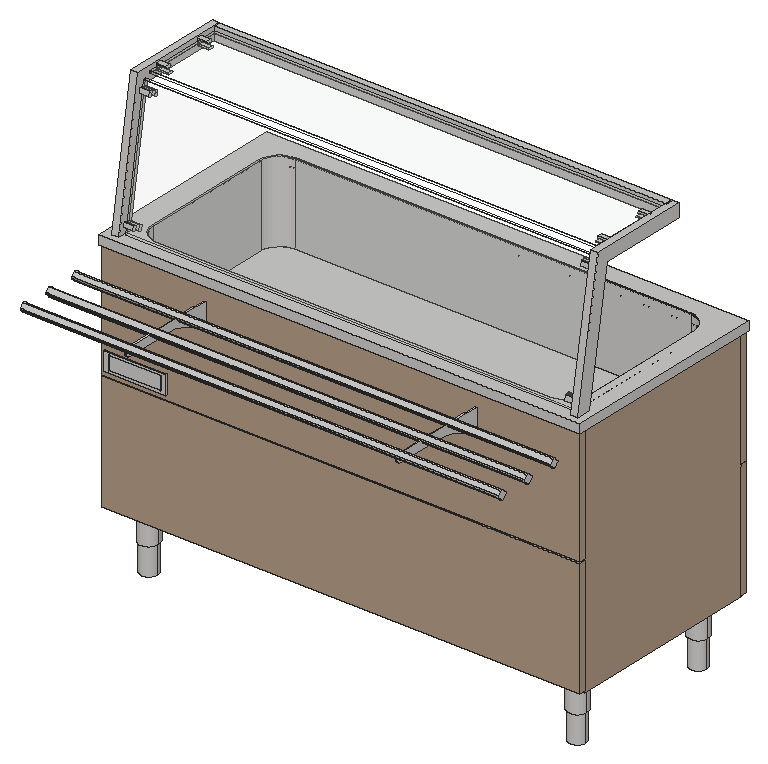
Revit family "QF_ELECTROLUXPROFESSIONAL_322077_F01H4AF01W", category Attrezzature speciali, Revit 2018
Family settings
  Quota connettore circolare = Usa diametro
  Tipo di parte = Normale
  Basato su piano di lavoro = No
  Sempre verticale = Sì
  Taglio con vuoti quando caricato = No
  Condiviso = No
  Punto di calcolo locali = No
Parameters
  Weight = 135.50 kg
  Watts = 3040 W
  Volts = 220 V
  URL Manufacturer = "https://www.electroluxprofessional.com/"
  URL = "https://www.electroluxprofessional.com/"
  Steam Supply Size = 0 mm
  Steam Supply Minimum Pressure = 0.0 Pa
  Steam Supply Maximum Pressure = 0.0 Pa
  Steam Consumption per Hour = 0
  Show Clearance [instance] = yes
  Refrigeration Suction Line Size = 0 mm
  Refrigeration Liquid Line Size = 0 mm
  Refrigerant Compressor Remote = yes
  Produttore = "Electrolux Professional"
  Phase = 1
  Modello = "F01H4AF01W"
  Length Actual = 1420 mm  # constant formula
  Item Number = "322077"
  Hot Water Size = 0 mm
  Height Actual = 1304 mm  # constant formula
  HP = "4.1 HP"
  Gas Size = 0 mm
  Gas KW = 0
  Gas Input Pressure = 0 W
  Direct Waste Size = 19.05 mm
  Descrizione = "BAIN-MARIE, WATER, SINGLE WELL, 4GN H=900MM OVERSHELF W/LED LIGHTS"
  Depth Actual = 915 mm  # constant formula
  Cycle = 50 Hz
  Condensate Return Size = 0 mm
  Compressed Air Volume = 0.0 L/s
  Compressed Air Size = 0 mm
  Compressed Air Pressure = 0.0 Pa
  Cold Water Size = 0 mm
  Accessory = yes
Types (2, lengths in mm): name | Weight | Watts | Volts | URL Manufacturer | URL | Phase | Item Number | HP | Direct Waste Size | Cycle
  (no name) | 135.50 kg | 3040 W | 220 V | "https://www.electroluxprofessional.com/" | "https://www.electroluxprofessional.com/" | 1 | "322077" | "4.1 HP" | 19.05 | 50 Hz
  Standard | 0.00 kg | 0 W | 0 V | "" | "http://professional.electrolux.com" | 0 | "" | "" | 0 | 0 Hz
Reference planes
  plane 1 "Centro (Fronte/Retro)": y = 74.737
  plane 2: z = 0
  plane 3 "BACK": y = 384.737
  plane 4 "FRONT": y = -235.263
  plane 5: z = 900
  plane 6 "RIGHT": x = 195.731
  plane 7 "LEFT": x = -1224.269
  plane 8: x = -514.269
  plane 9: y = 664.737
  plane 10: y = -530.02
  plane 11: z = 178
  plane 12: z = 1304
  plane 13: z = 1222
  plane 14: y = 297.737
  plane 15: y = -148.263
  plane 16: x = -1146.269
  plane 17: x = 117.731
  plane 18: x = -1220.269
  plane 19: y = -231.263
  plane 20: x = 191.731
  plane 21: y = 380.737
  plane 22: z = 874
  plane 23: y = 362.737
  plane 24: y = -213.263
  plane 25: z = 182
  plane 26: z = 527
  plane 27: z = 531
  plane 28: x = -112.269
  plane 29: x = -916.269
  plane 30: x = -1202.269
  plane 31: x = 173.731
  plane 32: x = 153.731
  plane 33: x = -1182.269
  plane 34: x = -1174.269
  plane 35: x = 145.731
  plane 36: y = 130.237
  plane 37: y = 19.237
  plane 38: y = 33.237
  plane 39: y = 116.237
  plane 40: x = -1112.269
  plane 41: x = 90.731
Forms (mm)
  Extrusion 1, solid, material "QF_Finishes_Wood"
    sketch origin (0, 0, 0) x (1, 0, 0) y (0, 1, 0)
      loop
        line (-1220.269, 362.737) -> (-1220.269, -213.263) -> (191.731, -213.263) -> (191.731, 362.737) -> (-1220.269, 362.737)
    from 178 to 874
  Extrusion 2, solid, material "QF_Finishes_Wood"
    sketch origin (191.731, 362.737, 0) x (0, -1, 0) y (0, 0, -1)
      loop
        line (576, -182) -> (576, -527) -> (594, -527) -> (594, -182) -> (576, -182)
      loop
        line (576, -531) -> (576, -874) -> (594, -874) -> (594, -531) -> (576, -531)
    from 0 to -1412
  Extrusion 3, solid, material "QF_Finishes_Wood"
    sketch origin (191.731, -213.263, 0) x (0, 1, 0) y (0, 0, 1)
      loop
        line (576, 531) -> (594, 531) -> (594, 874) -> (576, 874) -> (576, 531)
    from 0 to -1412
  Extrusion 4, solid, material "QF_Finishes_Stainless Steel"
    sketch origin (0, 0, 0) x (1, 0, 0) y (0, 1, 0)
      loop
        line (-1224.269, 384.737) -> (-1224.269, -235.263) -> (195.731, -235.263) -> (195.731, 384.737) -> (-1224.269, 384.737)
    from 874 to 900
  Extrusion 5, solid, material "QF_Finishes_Stainless Steel"
    sketch origin (-117.269, 362.737, 0) x (0, -1, 0) y (0, 0, -1)
      loop
        arc (628.84, -832.7) -> (632.082, -833.911) -> (635.519, -834.32) r 14.5
        line (635.519, -834.32) -> (675.715, -834.32) -> (689.858, -820.177) -> (704, -834.32) -> (770.715, -834.32) -> (784.858, -820.177) -> (799, -834.32) -> (865.716, -834.32) -> (879.858, -820.177) -> (887.686, -828.005) -> (887.686, -821.352)
        arc (887.686, -821.352) -> (887.303, -819.435) -> (886.214, -817.81) r 4.999
        line (886.214, -817.81) -> (881.179, -812.776)
        arc (881.179, -812.776) -> (879.559, -811.698) -> (877.651, -811.32) r 5
        line (877.651, -811.32) -> (732.206, -811.32)
        arc (732.206, -811.32) -> (708.662, -809.221) -> (685.86, -802.991) r 133.106
        line (685.86, -802.991) -> (638.285, -785.32) -> (597.679, -770.12) -> (594, -770.12) -> (594, -832.7) -> (628.84, -832.7)
    from 0 to 5
  Extrusion 6, void
    sketch origin (0, 0, 0) x (1, 0, 0) y (0, 1, 0)
      loop
        line (-1156.552, 270.237) -> (-1156.552, -120.763)
        arc (-1156.552, -120.763) -> (-1138.652, -163.896) -> (-1095.519, -181.763) r 61
        line (-1095.519, -181.763) -> (67.355, -181.472)
        arc (67.355, -181.472) -> (110.441, -163.852) -> (128.319, -120.873) r 60.6
        line (128.319, -120.873) -> (128.319, 270.182)
        arc (128.319, 270.182) -> (111.15, 312.672) -> (69.282, 331.306) r 61.161
        line (69.282, 331.306) -> (-1095.519, 331.237)
        arc (-1095.519, 331.237) -> (-1138.652, 313.371) -> (-1156.552, 270.237) r 61
    from 614.586 to 900
  Extrusion 7, solid, material "QF_Finishes_Wood"
    sketch origin (419.731, -213.263, -348) x (0, 1, 0) y (0, 0, 1)
      loop
        line (576, 530) -> (594, 530) -> (594, 875) -> (576, 875) -> (576, 530)
    from -228 to -383
  Extrusion 8, solid, material "QF_Finishes_Wood"
    sketch origin (-234.269, -213.263, -348) x (0, 1, 0) y (0, 0, 1)
      loop
        line (576, 530) -> (594, 530) -> (594, 875) -> (576, 875) -> (576, 530)
    from -831.045 to -986
  Extrusion 9, solid, material "QF_Finishes_Stainless Steel"
    sketch origin (-916.269, 362.737, 0) x (0, -1, 0) y (0, 0, -1)
      loop
        arc (628.84, -832.7) -> (632.082, -833.911) -> (635.519, -834.32) r 14.5
        line (635.519, -834.32) -> (675.715, -834.32) -> (689.858, -820.177) -> (704, -834.32) -> (770.715, -834.32) -> (784.858, -820.177) -> (799, -834.32) -> (865.716, -834.32) -> (879.858, -820.177) -> (887.686, -828.005) -> (887.686, -821.352)
        arc (887.686, -821.352) -> (887.303, -819.435) -> (886.214, -817.81) r 4.999
        line (886.214, -817.81) -> (881.179, -812.776)
        arc (881.179, -812.776) -> (879.559, -811.698) -> (877.651, -811.32) r 5
        line (877.651, -811.32) -> (732.206, -811.32)
        arc (732.206, -811.32) -> (708.662, -809.221) -> (685.86, -802.991) r 133.106
        line (685.86, -802.991) -> (638.285, -785.32) -> (597.679, -770.12) -> (594, -770.12) -> (594, -832.7) -> (628.84, -832.7)
    from 0 to 5
  Extrusion 10, solid, material "QF_Finishes_Stainless Steel"
    sketch origin (191.731, 362.737, 0) x (0, -1, 0) y (0, 0, -1)
      loop
        line (881.983, -846.337) -> (891.875, -836.445)
        arc (891.875, -836.445) -> (892.757, -834.322) -> (891.879, -832.198) r 3
        line (891.879, -832.198) -> (881.979, -822.299)
        arc (881.979, -822.299) -> (879.858, -821.42) -> (877.737, -822.299) r 3
        line (877.737, -822.299) -> (867.837, -832.198)
        arc (867.837, -832.198) -> (866.958, -834.32) -> (867.837, -836.441) r 3
        line (867.837, -836.441) -> (877.737, -846.34)
        arc (877.737, -846.34) -> (879.86, -847.219) -> (881.983, -846.337) r 3
      loop
        line (786.979, -846.34) -> (796.879, -836.441)
        arc (796.879, -836.441) -> (797.757, -834.32) -> (796.879, -832.198) r 3
        line (796.879, -832.198) -> (786.979, -822.299)
        arc (786.979, -822.299) -> (784.858, -821.42) -> (782.737, -822.299) r 3
        line (782.737, -822.299) -> (772.837, -832.198)
        arc (772.837, -832.198) -> (771.958, -834.317) -> (772.833, -836.437) r 3
        line (772.833, -836.437) -> (782.741, -846.345)
        arc (782.741, -846.345) -> (784.861, -847.219) -> (786.979, -846.34) r 3
      loop
        line (691.976, -846.343) -> (701.882, -836.438)
        arc (701.882, -836.438) -> (702.757, -834.318) -> (701.879, -832.198) r 3
        line (701.879, -832.198) -> (691.979, -822.299)
        arc (691.979, -822.299) -> (689.858, -821.42) -> (687.737, -822.299) r 3
        line (687.737, -822.299) -> (677.837, -832.198)
        arc (677.837, -832.198) -> (676.958, -834.32) -> (677.837, -836.441) r 3
        line (677.837, -836.441) -> (687.737, -846.34)
        arc (687.737, -846.34) -> (689.856, -847.219) -> (691.976, -846.343) r 3
    from 0 to -1412
  Extrusion 11, solid, material "QF_Finishes_Stainless Steel"
    sketch origin (191.731, 362.737, 0) x (0, -1, 0) y (0, 0, -1)
      loop
        line (206.477, -1264.379) -> (206.477, -1304) -> (507.108, -1304) -> (578.344, -900) -> (537.727, -900) -> (473.477, -1264.379) -> (206.477, -1264.379)
    from -18 to -38
  Extrusion 12, solid, material "QF_Finishes_Stainless Steel"
    sketch origin (-895.269, 362.737, 0) x (0, -1, 0) y (0, 0, 1)
      loop
        line (206.477, 1264.379) -> (473.477, 1264.379) -> (537.727, 900) -> (578.344, 900) -> (507.108, 1304) -> (206.477, 1304) -> (206.477, 1264.379)
    from 307 to 287
  Extrusion 13, solid, material "QF_Finishes_Glass"
    sketch origin (-133.269, -231.263, 531) x (0, 0, 1) y (-1, 0, 0)
      loop
        line (757.879, -279) -> (765.879, -279) -> (765.879, 1041) -> (757.879, 1041) -> (757.879, -279)
    from -361.5 to -120.204
  Extrusion 14, solid, material "QF_Finishes_Stainless Steel"
    sketch origin (0, 0, 0) x (1, 0, 0) y (0, 1, 0)
      loop
        line (-1182.269, 156.26) -> (-1182.269, 136.26) -> (153.731, 136.26) -> (153.731, 156.26) -> (-1182.269, 156.26)
    from 1264.379 to 1304
  Extrusion 15, solid, material "QF_Finishes_Glass"
    sketch origin (-133.269, 362.737, 0) x (0, -1, 0) y (0, 0, -1)
      loop
        line (494.569, -1282.974) -> (562.097, -900) -> (553.974, -900) -> (486.445, -1282.974) -> (494.569, -1282.974)
    from 279 to -1041
  Extrusion 16, solid, material "QF_Finishes_Wood"
    sketch origin (314.688, -213.263, -348) x (0, 1, 0) y (0, 0, 1)
      loop
        line (576, 530) -> (594, 530) -> (594, 875) -> (576, 875) -> (576, 530)
    from -277.956 to -828.956
  Extrusion 17, solid, material "QF_Finishes_Stainless Steel"
    sketch origin (-308.144, -64.263, 531) x (0, 0, 1) y (-1, 0, 0)
      loop
        line (765.879, 841.5) -> (770.879, 843.5) -> (770.879, 874.125) -> (750.879, 874.125) -> (750.879, 866) -> (751.974, 866) -> (751.974, 835.938) -> (755.879, 837.5) -> (755.879, 867) -> (765.879, 867) -> (765.879, 841.5)
    from 0 to 14
  Extrusion 18, solid, material "QF_Finishes_Stainless Steel"
    sketch origin (-308.144, 85.737, 531) x (0, 0, 1) y (-1, 0, 0)
      loop
        line (765.879, 841.5) -> (770.879, 843.5) -> (770.879, 874.125) -> (750.879, 874.125) -> (750.879, 866) -> (751.974, 866) -> (751.974, 835.938) -> (755.879, 837.5) -> (755.879, 867) -> (765.879, 867) -> (765.879, 841.5)
    from 0 to 14
  Extrusion 19, solid, material "QF_Finishes_Stainless Steel"
    sketch origin (-720.394, -64.263, 531) x (0, 0, 1) y (-1, 0, 0)
      loop
        line (765.879, -841.5) -> (765.879, -867) -> (755.879, -867) -> (755.879, -837.5) -> (751.974, -835.938) -> (751.974, -866) -> (750.879, -866) -> (750.879, -874.125) -> (770.879, -874.125) -> (770.879, -843.5) -> (765.879, -841.5)
    from 0 to 14
  Extrusion 20, solid, material "QF_Finishes_Stainless Steel"
    sketch origin (-720.394, 85.737, 531) x (0, 0, 1) y (-1, 0, 0)
      loop
        line (765.879, -841.5) -> (765.879, -867) -> (755.879, -867) -> (755.879, -837.5) -> (751.974, -835.938) -> (751.974, -866) -> (750.879, -866) -> (750.879, -874.125) -> (770.879, -874.125) -> (770.879, -843.5) -> (765.879, -841.5)
    from 0 to 14
  Extrusion 21, solid, material "QF_Finishes_Stainless Steel"
    sketch origin (-720.394, 619.458, 1129.907) x (0, -0.984808, 0.173648) y (-1, 0, 0)
      loop
        line (765.879, -841.5) -> (765.879, -867) -> (755.879, -867) -> (755.879, -837.5) -> (751.974, -835.938) -> (751.974, -866) -> (750.879, -866) -> (750.879, -874.125) -> (770.879, -874.125) -> (770.879, -843.5) -> (765.879, -841.5)
    from 0 to 14
  Extrusion 22, solid, material "QF_Finishes_Stainless Steel"
    sketch origin (-308.144, 619.458, 1129.907) x (0, -0.984808, 0.173648) y (-1, 0, 0)
      loop
        line (765.879, 841.5) -> (770.879, 843.5) -> (770.879, 874.125) -> (750.879, 874.125) -> (750.879, 866) -> (751.974, 866) -> (751.974, 835.938) -> (755.879, 837.5) -> (755.879, 867) -> (765.879, 867) -> (765.879, 841.5)
    from 0 to 14
  Extrusion 23, solid, material "QF_Finishes_Stainless Steel"
    sketch origin (-720.394, 562.154, 799.389) x (0, -0.984808, 0.173648) y (-1, 0, 0)
      loop
        line (765.879, -841.5) -> (765.879, -867) -> (755.879, -867) -> (755.879, -837.5) -> (751.974, -835.938) -> (751.974, -866) -> (750.879, -866) -> (750.879, -874.125) -> (770.879, -874.125) -> (770.879, -843.5) -> (765.879, -841.5)
    from 0 to 14
  Extrusion 24, solid, material "QF_Finishes_Stainless Steel"
    sketch origin (-308.144, 562.154, 799.389) x (0, -0.984808, 0.173648) y (-1, 0, 0)
      loop
        line (765.879, 841.5) -> (770.879, 843.5) -> (770.879, 874.125) -> (750.879, 874.125) -> (750.879, 866) -> (751.974, 866) -> (751.974, 835.938) -> (755.879, 837.5) -> (755.879, 867) -> (765.879, 867) -> (765.879, 841.5)
    from 0 to 14
  Extrusion 25, solid, material "QF_Finishes_Wood"
    sketch origin (-236.312, -213.263, -348) x (0, 1, 0) y (0, 0, 1)
      loop
        line (576, 530) -> (594, 530) -> (594, 875) -> (576, 875) -> (576, 530)
    from -277.956 to -828.956
  Extrusion 26, solid, material "QF_Door-Drawer Clearances", visible <- "Show Clearance"
    sketch origin (-1028.537, -4, 0) x (-1, 0, 0) y (0, -1, 0)
      loop
        arc (-514.269, -384.737) -> (-496.592, -527.741) -> (-441.747, -660.987) r 540.292
        line (-441.747, -660.987) -> (36.731, -384.737) -> (-514.269, -384.737)
    from 182 to 527
  Extrusion 27, solid, material "QF_Finishes_Stainless Steel"
    sketch origin (-1353.537, 0, 0) x (-1, 0, 0) y (0, -1, 0)
      loop
        circle (-196.269, -124.737) r 10
    from 178 to 166
  Extrusion 28, solid, material "QF_Finishes_Stainless Steel"
    sketch origin (-1353.537, 149.474, 0) x (-1, 0, 0) y (0, -1, 0)
      loop
        circle (-196.269, 124.737) r 10
    from 178 to 166
  Extrusion 29, solid, material "QF_Door-Drawer Clearances", visible <- "Show Clearance"
    sketch origin (0, -4, 0) x (1, 0, 0) y (0, 1, 0)
      loop
        line (-514.269, 384.737) -> (36.731, 384.737) -> (-441.747, 660.987)
        arc (-441.747, 660.987) -> (-496.592, 527.741) -> (-514.269, 384.737) r 540.292
    from 182 to 527
Cuts and joins
  Extrusion 6 cuts Extrusion 1
  Extrusion 6 cuts Extrusion 4
Lines and regions (mm)
  symbolic lines
    curve 1: line (195.731, 384.737, 0) -> (195.731, -235.263, 0)
    curve 2: line (-1224.269, -235.263, 0) -> (-1224.269, 384.737, 0)
    curve 3: line (-1224.269, 384.737, 0) -> (195.731, 384.737, 0)
    curve 4: line (-1224.269, -235.263, 0) -> (195.731, -235.263, 0)
    curve 5: line (145.731, -64.263, 0) -> (145.731, 71.737, 0)
    curve 6: line (-1174.269, 71.737, 0) -> (-1174.269, -64.263, 0)
    curve 7: line (-1202.269, 156.26, 0) -> (173.731, 156.26, 0)
    curve 8: line (173.731, 156.26, 0) -> (173.731, -215.607, 0)
    curve 9: line (173.731, -215.607, 0) -> (153.731, -215.607, 0)
    curve 10: line (153.731, -215.607, 0) -> (153.731, 156.26, 0)
    curve 11: line (153.731, 136.26, 0) -> (-1182.269, 136.26, 0)
    curve 12: line (-1182.269, 156.26, 0) -> (-1182.269, -215.607, 0)
    curve 13: line (-1182.269, -215.607, 0) -> (-1202.269, -215.607, 0)
    curve 14: line (-1202.269, -215.607, 0) -> (-1202.269, 156.26, 0)
    curve 15: line (-1202.269, -144.371, 0) -> (-1182.269, -144.371, 0)
    curve 16: line (153.731, -144.371, 0) -> (173.731, -144.371, 0)
    curve 17: line (-1174.269, 130.237, 0) -> (-1174.269, 85.737, 0)
    curve 18: line (-1174.269, 130.237, 0) -> (145.731, 130.237, 0)
    curve 19: line (145.731, 130.237, 0) -> (145.731, 85.737, 0)
    curve 20: line (145.731, -78.263, 0) -> (145.731, -111.059, 0)
    curve 21: line (153.731, 85.737, 0) -> (121.231, 85.737, 0)
    curve 22: line (121.231, 85.737, 0) -> (121.231, 71.737, 0)
    curve 23: line (121.231, 71.737, 0) -> (153.731, 71.737, 0)
    curve 24: line (153.731, -64.263, 0) -> (121.231, -64.263, 0)
    curve 25: line (121.231, -64.263, 0) -> (121.231, -78.263, 0)
    curve 26: line (121.231, -78.263, 0) -> (153.731, -78.263, 0)
    curve 27: line (-1182.269, -64.263, 0) -> (-1149.769, -64.263, 0)
    curve 28: line (-1149.769, -64.263, 0) -> (-1149.769, -78.263, 0)
    curve 29: line (-1149.769, -78.263, 0) -> (-1182.269, -78.263, 0)
    curve 30: line (-1182.269, 85.737, 0) -> (-1149.769, 85.737, 0)
    curve 31: line (-1149.769, 85.737, 0) -> (-1149.769, 71.737, 0)
    curve 32: line (-1149.769, 71.737, 0) -> (-1182.269, 71.737, 0)
    curve 33: line (-1182.269, -142.14, 0) -> (-1151.769, -142.14, 0)
    curve 34: line (-1151.769, -142.14, 0) -> (-1151.769, -139.709, 0)
    curve 35: line (-1151.769, -139.709, 0) -> (-1182.269, -139.709, 0)
    curve 36: line (-1151.769, -142.14, 0) -> (-1149.769, -137.216, 0)
    curve 37: line (-1175.269, -134.785, 0) -> (-1149.769, -134.785, 0)
    curve 38: line (-1175.269, -134.785, 0) -> (-1175.269, -124.937, 0)
    curve 39: line (-1175.269, -124.937, 0) -> (-1174.269, -124.937, 0)
    curve 40: line (-1175.269, -127.368, 0) -> (-1174.269, -127.368, 0)
    curve 41: line (-1182.269, -120.013, 0) -> (-1174.269, -120.013, 0)
    curve 42: line (-1174.269, -120.013, 0) -> (-1174.269, -121.091, 0)
    curve 43: line (-1174.269, -121.091, 0) -> (-1144.207, -121.091, 0)
    curve 44: line (-1144.207, -121.091, 0) -> (-1144.207, -123.708, 0)
    curve 45: line (-1144.207, -121.091, 0) -> (-1145.269, -123.708, 0)
    curve 46: line (-1151.769, -139.709, 0) -> (-1149.769, -134.785, 0)
    curve 47: line (-1149.769, -134.785, 0) -> (-1149.769, -137.216, 0)
    curve 48: line (-1174.269, -123.708, 0) -> (-1174.269, -134.785, 0)
    curve 49: line (145.731, -131.831, 0) -> (145.731, -123.708, 0)
    curve 50: line (145.731, -123.708, 0) -> (-1174.269, -123.708, 0)
    curve 51: line (153.731, -142.14, 0) -> (123.231, -142.14, 0)
    curve 52: line (123.231, -142.14, 0) -> (123.231, -139.709, 0)
    curve 53: line (123.231, -139.709, 0) -> (153.731, -139.709, 0)
    curve 54: line (123.231, -142.14, 0) -> (121.231, -137.216, 0)
    curve 55: line (146.731, -134.785, 0) -> (121.231, -134.785, 0)
    curve 56: line (146.731, -134.785, 0) -> (146.731, -124.937, 0)
    curve 57: line (146.731, -124.937, 0) -> (145.731, -124.937, 0)
    curve 58: line (146.731, -127.368, 0) -> (145.731, -127.368, 0)
    curve 59: line (153.731, -120.013, 0) -> (145.731, -120.013, 0)
    curve 60: line (145.731, -120.013, 0) -> (145.731, -121.091, 0)
    curve 61: line (145.731, -121.091, 0) -> (115.669, -121.091, 0)
    curve 62: line (115.669, -121.091, 0) -> (115.669, -123.708, 0)
    curve 63: line (115.669, -121.091, 0) -> (116.732, -123.708, 0)
    curve 64: line (123.231, -139.709, 0) -> (121.231, -134.785, 0)
    curve 65: line (121.231, -134.785, 0) -> (121.231, -137.216, 0)
    curve 66: line (145.731, -123.708, 0) -> (145.731, -134.785, 0)
    curve 67: line (-1174.269, -142.14, 0) -> (-1174.269, -192.089, 0)
    curve 68: line (-1174.269, -177.317, 0) -> (-1182.269, -177.317, 0)
    curve 69: line (-1174.269, -182.241, 0) -> (-1175.269, -182.241, 0)
    curve 70: line (-1175.269, -184.672, 0) -> (-1174.269, -184.672, 0)
    curve 71: line (-1175.269, -182.241, 0) -> (-1175.269, -192.089, 0)
    curve 72: line (-1175.269, -192.089, 0) -> (-1149.779, -192.089, 0)
    curve 73: line (-1151.769, -197.013, 0) -> (-1149.779, -192.089, 0)
    curve 74: line (-1149.779, -192.089, 0) -> (-1149.779, -194.52, 0)
    curve 75: line (-1151.769, -199.444, 0) -> (-1149.779, -194.52, 0)
    curve 76: line (-1151.769, -197.013, 0) -> (-1151.769, -199.444, 0)
    curve 77: line (-1182.269, -199.444, 0) -> (-1151.769, -199.444, 0)
    curve 78: line (-1151.769, -197.013, 0) -> (-1182.269, -197.013, 0)
    curve 79: line (145.731, -177.317, 0) -> (153.731, -177.317, 0)
    curve 80: line (145.731, -182.241, 0) -> (146.731, -182.241, 0)
    curve 81: line (146.731, -184.672, 0) -> (145.731, -184.672, 0)
    curve 82: line (146.731, -182.241, 0) -> (146.731, -192.089, 0)
    curve 83: line (146.731, -192.089, 0) -> (121.242, -192.089, 0)
    curve 84: line (123.231, -197.013, 0) -> (121.242, -192.089, 0)
    curve 85: line (121.242, -192.089, 0) -> (121.242, -194.52, 0)
    curve 86: line (123.231, -199.444, 0) -> (121.242, -194.52, 0)
    curve 87: line (123.231, -197.013, 0) -> (123.231, -199.444, 0)
    curve 88: line (153.731, -199.444, 0) -> (123.231, -199.444, 0)
    curve 89: line (123.231, -197.013, 0) -> (153.731, -197.013, 0)
    curve 90: line (-1151.735, -199.36, 0) -> (123.197, -199.36, 0)
    curve 91: line (-1174.269, -78.263, 0) -> (-1174.269, -111.059, 0)
    curve 92: line (-1174.269, -111.059, 0) -> (145.731, -111.059, 0)
    curve 93: line (-1174.269, -131.831, 0) -> (145.731, -131.831, 0)
    curve 94: line (145.731, -142.14, 0) -> (145.731, -192.089, 0)
    curve 95: line (-1154.269, 136.26, 0) -> (-1154.269, 130.237, 0)
    curve 96: line (125.731, 136.26, 0) -> (125.731, 130.237, 0)
    curve 103: line (-1224.269, -235.263, 0) -> (-1224.269, -530.02, 0)
    curve 104: line (-1224.269, -530.02, 0) -> (195.731, -530.02, 0)
    curve 105: line (195.731, -530.02, 0) -> (195.731, -235.263, 0)
  symbolic lines, style "QF_Door-Drawer Clearances"
    curve 97: line (-586.79, 656.987, 0) -> (-1058.34, 384.737, 0)
    curve 98: arc (-514.24, 384.737, 0) -> (-532.456, 525.674, 0) -> (-586.79, 656.987, 0) r 540.292
    curve 99: arc (-441.747, 656.987, 0) -> (-496.081, 525.674, 0) -> (-514.297, 384.737, 0) r 540.292
    curve 100: line (29.803, 384.737, 0) -> (-441.747, 656.987, 0)
    curve 101: line (-576.79, 639.666, 0) -> (-1018.34, 384.737, 0)
    curve 102: line (-10.197, 384.737, 0) -> (-451.747, 639.666, 0)
  symbolic lines, style "SpecialityEquipmentHiddenLines"
    curve 106: line (69.731, 329.737, 0) -> (-1098.269, 329.737, 0)
    curve 107: arc (-1098.269, 329.737, 0) -> (-1137.867, 313.335, 0) -> (-1154.269, 273.737, 0) r 56
    curve 108: line (-1154.269, 273.737, 0) -> (-1154.269, -124.263, 0)
    curve 109: arc (-1154.269, -124.263, 0) -> (-1137.867, -163.861, 0) -> (-1098.269, -180.263, 0) r 56
    curve 110: line (-1098.269, -180.263, 0) -> (69.731, -180.263, 0)
    curve 111: arc (69.731, -180.263, 0) -> (109.329, -163.861, 0) -> (125.731, -124.263, 0) r 56
    curve 112: line (125.731, -124.263, 0) -> (125.731, 273.737, 0)
    curve 113: arc (125.731, 273.737, 0) -> (109.329, 313.335, 0) -> (69.731, 329.737, 0) r 56
    curve 114: line (-834.269, 329.737, 0) -> (-834.269, -180.263, 0)
    curve 115: line (-514.269, 329.737, 0) -> (-514.269, -180.263, 0)
    curve 116: line (-194.269, 329.737, 0) -> (-194.269, -180.263, 0)
Dimensions and locks
  plane 7 "LEFT" to plane 6 "RIGHT" = 1420 mm
  equal spacing: plane 3 "BACK", plane 1 "Centro (Fronte/Retro)", plane 4 "FRONT"
  plane 3 "BACK" to plane 4 "FRONT" = 620 mm
  equal spacing: plane 7 "LEFT", plane 8, plane 6 "RIGHT"
  locked: plane 9 to plane 3 "BACK" at 280
  locked: plane 4 "FRONT" to plane 10 at 294.757
  locked: plane 11 to plane 2 at 178
  locked: plane 5 to plane 2 at 900
  locked: plane 12 to plane 2 at 1304
  locked: plane 13 to plane 2 at 1222
  locked: plane 3 "BACK" to plane 14 at 87
  locked: plane 7 "LEFT" to plane 16 at 78
  locked: plane 17 to plane 6 "RIGHT" at 78
  locked: plane 15 to plane 4 "FRONT" at 87
  locked: plane 3 "BACK" to plane 21 at 4
  locked: plane 7 "LEFT" to plane 18 at 4
  locked: plane 20 to plane 6 "RIGHT" at 4
  locked: plane 19 to plane 4 "FRONT" at 4
  locked: plane 5 to plane 22 at 26
  locked: plane 24 to plane 19 at 18
  locked: plane 21 to plane 23 at 18
  plane 20 to plane 28 = 304 mm
  plane 29 to plane 18 = 304 mm
  equal spacing: plane 30, plane 8, plane 31
  plane 30 to plane 31 = 1376 mm
  locked: plane 30 to plane 33 at 20
  locked: plane 32 to plane 31 at 20
  equal spacing: plane 34, plane 8, plane 35
  plane 34 to plane 35 = 1320 mm
  equal spacing: plane 36, plane 1 "Centro (Fronte/Retro)", plane 37
  plane 36 to plane 37 = 111 mm
  locked: plane 36 to plane 39 at 14
  locked: plane 38 to plane 37 at 14
  locked: plane 41 to plane 6 "RIGHT" at 105
  locked: plane 7 "LEFT" to plane 40 at 112
  plane 16 to plane 7 "LEFT" = 78 mm
  plane 6 "RIGHT" to plane 17 = 78 mm
  angle Extrusion 25 to Extrusion 26 sketch curve = 30.00°
  aligned and locked: level to plane 2
  aligned and locked: Extrusion 1 sketch curve to plane 23
  aligned and locked: plane 18 to Extrusion 1 sketch curve
  aligned and locked: plane 24 to Extrusion 1 sketch curve
  aligned and locked: Extrusion 1 sketch curve to plane 20
  aligned and locked: Extrusion 1 to plane 22
  aligned and locked: Extrusion 1 to plane 11
  aligned and locked: plane 25 to Extrusion 2 sketch curve
  aligned and locked: Extrusion 2 sketch curve to plane 24  (x2)
  aligned and locked: Extrusion 2 sketch curve to plane 26
  aligned and locked: plane 19 to Extrusion 2 sketch curve  (x2)
  aligned and locked: plane 27 to Extrusion 2 sketch curve
  aligned and locked: Extrusion 2 sketch curve to plane 22
  aligned and locked: Extrusion 2 to plane 18
  aligned and locked: Extrusion 3 to plane 18
  aligned and locked: Extrusion 4 sketch curve to plane 3 "BACK"
  aligned and locked: plane 7 "LEFT" to Extrusion 4 sketch curve
  aligned and locked: plane 4 "FRONT" to Extrusion 4 sketch curve
  aligned and locked: Extrusion 4 sketch curve to plane 6 "RIGHT"
  aligned and locked: Extrusion 4 to plane 22
  aligned and locked: plane 20 to Extrusion 7
  aligned and locked: Extrusion 8 to plane 18
  aligned and locked: Extrusion 7 to plane 25
  aligned and locked: Extrusion 8 to plane 25
  aligned and locked: plane 16 to nested 1
  aligned and locked: plane 17 to nested 2
  aligned and locked: nested 2 to plane 15
  aligned and locked: nested 1 to plane 15
  aligned and locked: nested 3 to plane 14
  aligned and locked: plane 16 to nested 4
  aligned and locked: plane 20 to Extrusion 10
  aligned and locked: Extrusion 10 to plane 18
  aligned and locked: nested 4 to plane 14
  aligned and locked: Extrusion 11 to plane 31
  aligned and locked: Extrusion 11 to plane 32
  aligned and locked: plane 33 to Extrusion 12
  aligned and locked: Extrusion 12 to plane 30
  aligned and locked: Extrusion 14 sketch curve to plane 32
  aligned and locked: plane 33 to Extrusion 14 sketch curve
  aligned and locked: Extrusion 14 to Extrusion 11
  aligned and locked: Extrusion 15 to plane 34
  aligned and locked: plane 35 to Extrusion 15
  aligned and locked: Extrusion 13 sketch curve to plane 35
  aligned and locked: plane 34 to Extrusion 13 sketch curve
  aligned and locked: plane 17 to nested 3
Automatic sketch dimensions
  Extrusion 6 sketch curve to plane 40 = 16.75 mm  (x2)
  plane 41 to Extrusion 6 sketch curve = 23.574 mm
  plane 41 to Extrusion 6 sketch curve = 23.376 mm
  plane 41 to Extrusion 6 sketch curve = 23.013 mm
  plane 41 to Extrusion 6 sketch curve = 21.449 mm
  plane 17 to Extrusion 6 sketch curve = 10.587 mm
  plane 24 to Extrusion 6 sketch curve = 31.5 mm
  plane 24 to Extrusion 6 sketch curve = 31.791 mm
  plane 15 to Extrusion 6 sketch curve = 27.5 mm
  Extrusion 6 sketch curve to plane 14 = 27.555 mm
  Extrusion 6 sketch curve to plane 14 = 27.5 mm
  Extrusion 6 sketch curve to plane 23 = 31.5 mm
  Extrusion 6 sketch curve to Extrusion 6 sketch curve = 0.033 mm
  Extrusion 6 sketch curve to Extrusion 6 sketch curve = 0 mm  (x2)
  Extrusion 12 sketch curve to plane 12 = 0 mm
  Extrusion 12 sketch curve to plane 5 = 0 mm
  plane 36 to Extrusion 12 sketch curve = 26.023 mm
  plane 15 to Extrusion 12 sketch curve = 37.523 mm
  plane 15 to Extrusion 12 sketch curve = 3.892 mm
  Extrusion 12 sketch curve to plane 15 = 26.727 mm
  Extrusion 12 sketch curve to plane 24 = 2.344 mm
  Extrusion 12 sketch curve to plane 12 = 39.621 mm
  Extrusion 13 sketch curve to plane 12 = 15.121 mm
  Extrusion 13 sketch curve to plane 12 = 7.121 mm
  plane 36 to Extrusion 14 sketch curve = 6.023 mm
  Extrusion 14 sketch curve to Extrusion 14 sketch curve = 20 mm
  Extrusion 15 sketch curve to plane 5 = 0 mm
  plane 15 to Extrusion 15 sketch curve = 24.555 mm
  Extrusion 15 sketch curve to Extrusion 15 sketch curve = 8.123 mm  (x2)
  plane 24 to Extrusion 15 sketch curve = 22.026 mm
  Extrusion 15 sketch curve to plane 12 = 21.026 mm
  plane 16 to Extrusion 27 sketch curve = 11 mm
  plane 36 to Extrusion 27 sketch curve = 5.5 mm
  Extrusion 28 sketch curve to plane 16 = 11 mm
  plane 37 to Extrusion 28 sketch curve = 5.5 mm
  Extrusion 29 sketch curve to plane 8 = 0 mm
  Extrusion 29 sketch curve to plane 21 = 0 mm
  Extrusion 29 sketch curve to plane 9 = 7.75 mm
  plane 8 to Extrusion 29 sketch curve = 72.521 mm
  plane 3 "BACK" to Extrusion 29 sketch curve = 1.815 mm
  Extrusion 29 sketch curve to Extrusion 29 sketch curve = 10.739 mm
  curve 104 to plane 7 "LEFT" = 0 mm
  curve 14 to plane 30 = 0 mm
  curve 29 to plane 33 = 0 mm
  curve 50 to plane 34 = 0 mm
  curve 92 to plane 34 = 0 mm
  curve 17 to plane 34 = 0 mm
  curve 67 to plane 34 = 0 mm
  curve 6 to plane 34 = 0 mm
  curve 95 to plane 36 = 0 mm
  curve 97 to plane 3 "BACK" = 0 mm
  curve 115 to plane 8 = 0 mm
  curve 79 to plane 35 = 0 mm
  curve 20 to plane 35 = 0 mm
  curve 49 to plane 35 = 0 mm
  curve 19 to plane 35 = 0 mm
  curve 5 to plane 35 = 0 mm
  curve 59 to plane 32 = 0 mm
  curve 16 to plane 31 = 0 mm
  curve 105 to plane 6 "RIGHT" = 0 mm
  curve 103 to plane 10 = 0 mm
  curve 1 to plane 4 "FRONT" = 0 mm
  curve 38 to curve 48 = 1 mm
  curve 69 to plane 34 = 1 mm
  curve 42 to plane 34 = 0 mm
  curve 108 to plane 16 = 8 mm
  curve 34 to plane 16 = 5.5 mm
  curve 76 to plane 16 = 5.5 mm
  curve 73 to curve 75 = 1.989 mm
  curve 47 to plane 16 = 3.5 mm
  curve 27 to plane 16 = 3.5 mm
  curve 30 to plane 16 = 3.5 mm
  plane 16 to curve 43 = 2.062 mm
  curve 106 to plane 40 = 14 mm
  curve 110 to plane 40 = 14 mm
  plane 3 "BACK" to curve 98 = 1.815 mm
  curve 98 to plane 40 = 57.739 mm
  curve 97 to plane 9 = 7.75 mm
  curve 97 to plane 8 = 72.521 mm
  curve 100 to plane 9 = 7.75 mm
  plane 8 to curve 100 = 72.521 mm
  plane 3 "BACK" to curve 99 = 1.815 mm
  plane 41 to curve 99 = 64.739 mm
  plane 41 to curve 106 = 21 mm
  plane 41 to curve 111 = 21 mm
  curve 61 to plane 17 = 2.062 mm
  plane 17 to curve 22 = 3.5 mm
  plane 17 to curve 24 = 3.5 mm
  plane 17 to curve 65 = 3.5 mm
  plane 17 to curve 86 = 3.511 mm
  curve 54 to curve 54 = 2 mm
  curve 85 to curve 87 = 1.989 mm
  plane 17 to curve 112 = 8 mm
  plane 35 to curve 59 = 0 mm
  plane 35 to curve 55 = 1 mm
  curve 94 to curve 83 = 1 mm
  curve 10 to plane 24 = 2.344 mm
  curve 13 to plane 24 = 2.344 mm
  plane 24 to curve 76 = 13.819 mm
  plane 24 to curve 87 = 13.819 mm
  curve 75 to curve 76 = 2.431 mm
  curve 86 to curve 84 = 2.431 mm
  curve 73 to curve 75 = 2.493 mm
  curve 84 to curve 85 = 2.493 mm
  curve 74 to curve 72 = 2.431 mm
  curve 89 to curve 82 = 4.924 mm
  curve 71 to curve 69 = 9.848 mm
  curve 82 to curve 80 = 9.848 mm
  curve 110 to plane 15 = 32 mm
  plane 15 to curve 51 = 6.122 mm
  plane 15 to curve 34 = 6.122 mm
  curve 33 to curve 35 = 2.431 mm
  curve 51 to curve 52 = 2.431 mm
  curve 52 to curve 54 = 2.493 mm
  curve 34 to curve 47 = 2.493 mm
  curve 94 to curve 56 = 7.355 mm
  curve 36 to curve 47 = 2.431 mm
  curve 66 to curve 49 = 2.954 mm
  curve 49 to curve 57 = 6.894 mm
  curve 93 to curve 39 = 6.894 mm
  curve 39 to curve 48 = 1.229 mm
  curve 48 to curve 43 = 2.617 mm
  curve 62 to curve 63 = 2.617 mm
  curve 60 to curve 59 = 1.078 mm
  curve 42 to curve 42 = 1.078 mm
  curve 59 to curve 20 = 8.954 mm
  curve 20 to curve 25 = 32.796 mm
  curve 91 to curve 28 = 32.796 mm
  curve 28 to curve 27 = 14 mm
  curve 25 to curve 25 = 14 mm
  plane 1 "Centro (Fronte/Retro)" to curve 22 = 3 mm
  plane 1 "Centro (Fronte/Retro)" to curve 32 = 3 mm
  curve 21 to plane 1 "Centro (Fronte/Retro)" = 11 mm
  curve 30 to plane 1 "Centro (Fronte/Retro)" = 11 mm
  plane 36 to curve 8 = 26.023 mm
  curve 112 to plane 14 = 24 mm
  curve 95 to plane 16 = 8 mm
  curve 75 to curve 90 = 0.034 mm
  plane 16 to curve 45 = 0.999 mm
  curve 97 to curve 98 = 3.811 mm
  curve 98 to curve 101 = 36.189 mm
  plane 29 to curve 114 = 82 mm
  curve 101 to plane 9 = 25.071 mm
  curve 98 to curve 101 = 10 mm
  curve 102 to plane 9 = 25.071 mm
  curve 102 to curve 99 = 10 mm
  curve 116 to plane 28 = 82 mm
  curve 102 to curve 99 = 36.189 mm
  curve 99 to curve 100 = 3.811 mm
  curve 63 to plane 17 = 0.999 mm
  plane 17 to curve 96 = 8 mm
  curve 70 to curve 69 = 2.431 mm
  curve 81 to curve 80 = 2.431 mm
  curve 69 to curve 68 = 4.924 mm
  curve 80 to curve 79 = 4.924 mm
  plane 15 to curve 16 = 3.892 mm
  curve 15 to curve 33 = 2.23 mm
  curve 58 to curve 57 = 2.431 mm
  curve 40 to curve 39 = 2.431 mm
  plane 36 to curve 11 = 6.023 mm
  Extrusion 1 to Extrusion 3 sketch curve = 0 mm
  Extrusion 3 sketch curve to Extrusion 1 = 0 mm
  Extrusion 3 sketch curve to Extrusion 3 sketch curve = 18 mm
  Extrusion 3 sketch curve to Extrusion 3 sketch curve = 343 mm
  Extrusion 5 sketch curve to plane 19 = 0 mm
  plane 4 "FRONT" to Extrusion 5 sketch curve = 0.321 mm
  Extrusion 5 sketch curve to plane 4 "FRONT" = 30.84 mm
  Extrusion 5 sketch curve to Extrusion 5 sketch curve = 6.66 mm
  Extrusion 5 sketch curve to Extrusion 5 sketch curve = 6.678 mm
  Extrusion 5 sketch curve to Extrusion 5 sketch curve = 2.785 mm
  Extrusion 5 sketch curve to Extrusion 5 sketch curve = 40.197 mm
  Extrusion 5 sketch curve to Extrusion 5 sketch curve = 10.145 mm
  Extrusion 5 sketch curve to Extrusion 5 sketch curve = 3.998 mm
  Extrusion 5 sketch curve to plane 22 = 39.68 mm  (x3)
  Extrusion 5 sketch curve to Extrusion 5 sketch curve = 14.142 mm  (x3)
  Extrusion 5 sketch curve to Extrusion 5 sketch curve = 28.206 mm
  Extrusion 5 sketch curve to Extrusion 5 sketch curve = 38.51 mm
  Extrusion 5 sketch curve to Extrusion 5 sketch curve = 14.143 mm
  plane 10 to Extrusion 5 sketch curve = 27.042 mm
  plane 10 to Extrusion 5 sketch curve = 15.107 mm
  Extrusion 5 sketch curve to Extrusion 5 sketch curve = 2.207 mm
  Extrusion 5 sketch curve to Extrusion 5 sketch curve = 3.528 mm  (x2)
  Extrusion 5 sketch curve to Extrusion 5 sketch curve = 2.829 mm
  plane 10 to Extrusion 5 sketch curve = 5.072 mm
  Extrusion 5 sketch curve to Extrusion 5 sketch curve = 1.62 mm
  Extrusion 5 sketch curve to Extrusion 5 sketch curve = 6.314 mm
  Extrusion 5 sketch curve to Extrusion 5 sketch curve = 6.653 mm
  Extrusion 5 sketch curve to Extrusion 5 sketch curve = 1.175 mm
  Extrusion 5 sketch curve to Extrusion 5 sketch curve = 3.858 mm
  Extrusion 5 sketch curve to Extrusion 5 sketch curve = 3.543 mm
  Extrusion 5 sketch curve to Extrusion 5 sketch curve = 23 mm
  Extrusion 5 sketch curve to Extrusion 5 sketch curve = 17.187 mm
  Extrusion 5 sketch curve to Extrusion 5 sketch curve = 34.499 mm
  Extrusion 5 sketch curve to Extrusion 5 sketch curve = 15.2 mm
  Extrusion 5 sketch curve to Extrusion 5 sketch curve = 0 mm
  Extrusion 7 sketch curve to plane 23 = 0 mm
  Extrusion 7 sketch curve to plane 21 = 0 mm
  Extrusion 7 sketch curve to plane 25 = 0 mm
  Extrusion 7 sketch curve to plane 26 = 0 mm
  Extrusion 8 sketch curve to plane 23 = 0 mm
  Extrusion 8 sketch curve to plane 21 = 0 mm
  Extrusion 8 sketch curve to plane 25 = 0 mm
  Extrusion 8 sketch curve to plane 26 = 0 mm
  Extrusion 9 sketch curve to plane 19 = 0 mm
  plane 4 "FRONT" to Extrusion 9 sketch curve = 0.321 mm
  Extrusion 9 sketch curve to plane 4 "FRONT" = 30.84 mm
  Extrusion 9 sketch curve to Extrusion 9 sketch curve = 6.66 mm
  Extrusion 9 sketch curve to Extrusion 9 sketch curve = 6.678 mm
  Extrusion 9 sketch curve to Extrusion 9 sketch curve = 2.785 mm
  Extrusion 9 sketch curve to Extrusion 9 sketch curve = 40.197 mm
  Extrusion 9 sketch curve to Extrusion 9 sketch curve = 10.145 mm
  Extrusion 9 sketch curve to Extrusion 9 sketch curve = 3.998 mm
  Extrusion 9 sketch curve to plane 22 = 39.68 mm  (x3)
  Extrusion 9 sketch curve to Extrusion 9 sketch curve = 14.142 mm  (x3)
  Extrusion 9 sketch curve to Extrusion 9 sketch curve = 28.206 mm
  Extrusion 9 sketch curve to Extrusion 9 sketch curve = 38.51 mm
  Extrusion 9 sketch curve to Extrusion 9 sketch curve = 14.143 mm
  plane 10 to Extrusion 9 sketch curve = 27.042 mm
  plane 10 to Extrusion 9 sketch curve = 15.107 mm
  Extrusion 9 sketch curve to Extrusion 9 sketch curve = 2.207 mm
  Extrusion 9 sketch curve to Extrusion 9 sketch curve = 3.528 mm  (x2)
  Extrusion 9 sketch curve to Extrusion 9 sketch curve = 2.829 mm
  plane 10 to Extrusion 9 sketch curve = 5.072 mm
  Extrusion 9 sketch curve to Extrusion 9 sketch curve = 1.62 mm
  Extrusion 9 sketch curve to Extrusion 9 sketch curve = 6.314 mm
  Extrusion 9 sketch curve to Extrusion 9 sketch curve = 6.653 mm
  Extrusion 9 sketch curve to Extrusion 9 sketch curve = 1.175 mm
  Extrusion 9 sketch curve to Extrusion 9 sketch curve = 3.858 mm
  Extrusion 9 sketch curve to Extrusion 9 sketch curve = 3.543 mm
  Extrusion 9 sketch curve to Extrusion 9 sketch curve = 23 mm
  Extrusion 9 sketch curve to Extrusion 9 sketch curve = 17.187 mm
  Extrusion 9 sketch curve to Extrusion 9 sketch curve = 34.499 mm
  Extrusion 9 sketch curve to Extrusion 9 sketch curve = 15.2 mm
  Extrusion 9 sketch curve to Extrusion 9 sketch curve = 0 mm
  Extrusion 1 to Extrusion 10 sketch curve = 39.68 mm
  Extrusion 10 sketch curve to Extrusion 1 = 103.958 mm
  Extrusion 10 sketch curve to Extrusion 10 sketch curve = 9.899 mm  (x7)
  Extrusion 1 to Extrusion 10 sketch curve = 27.657 mm
  Extrusion 10 sketch curve to Extrusion 10 sketch curve = 2.118 mm  (x3)
  Extrusion 1 to Extrusion 10 sketch curve = 37.562 mm
  Extrusion 10 sketch curve to Extrusion 10 sketch curve = 2.124 mm  (x2)
  Extrusion 1 to Extrusion 10 sketch curve = 37.563 mm
  Extrusion 10 sketch curve to Extrusion 10 sketch curve = 70.951 mm
  Extrusion 1 to Extrusion 10 sketch curve = 41.802 mm  (x6)
  Extrusion 10 sketch curve to Extrusion 10 sketch curve = 0.004 mm
  Extrusion 10 sketch curve to Extrusion 10 sketch curve = 2.126 mm
  Extrusion 1 to Extrusion 10 sketch curve = 27.655 mm
  Extrusion 10 sketch curve to Extrusion 10 sketch curve = 9.908 mm
  Extrusion 10 sketch curve to Extrusion 10 sketch curve = 2.117 mm
  Extrusion 10 sketch curve to Extrusion 10 sketch curve = 9.9 mm  (x3)
  Extrusion 1 to Extrusion 10 sketch curve = 27.66 mm  (x3)
  Extrusion 10 sketch curve to Extrusion 10 sketch curve = 2.121 mm  (x16)
  Extrusion 1 to Extrusion 10 sketch curve = 37.559 mm  (x3)
  Extrusion 10 sketch curve to Extrusion 10 sketch curve = 70.958 mm
  Extrusion 10 sketch curve to Extrusion 10 sketch curve = 0 mm  (x12)
  Extrusion 1 to Extrusion 10 sketch curve = 51.701 mm  (x6)
  Extrusion 1 to Extrusion 10 sketch curve = 27.663 mm
  Extrusion 10 sketch curve to Extrusion 10 sketch curve = 2.125 mm
  Extrusion 1 to Extrusion 10 sketch curve = 37.555 mm
  Extrusion 1 to Extrusion 11 sketch curve = 206.477 mm
  Extrusion 1 to Extrusion 11 sketch curve = 102.523 mm
  Extrusion 11 sketch curve to Extrusion 11 sketch curve = 33.631 mm
  Extrusion 1 to Extrusion 11 sketch curve = 38.273 mm
  Extrusion 11 sketch curve to Extrusion 1 = 2.344 mm
  Extrusion 11 sketch curve to Extrusion 1 = 430 mm
  Extrusion 11 sketch curve to Extrusion 11 sketch curve = 39.621 mm
  Extrusion 11 sketch curve to Extrusion 1 = 26 mm
  Extrusion 16 sketch curve to plane 23 = 0 mm
  Extrusion 16 sketch curve to plane 21 = 0 mm
  Extrusion 16 sketch curve to plane 25 = 0 mm
  Extrusion 16 sketch curve to plane 26 = 0 mm
  Extrusion 17 sketch curve to plane 33 = 0 mm
  plane 34 to Extrusion 17 sketch curve = 0.125 mm
  Extrusion 17 sketch curve to plane 12 = 22.121 mm
  Extrusion 17 sketch curve to Extrusion 17 sketch curve = 1.095 mm
  plane 16 to Extrusion 17 sketch curve = 0.625 mm
  Extrusion 17 sketch curve to Extrusion 17 sketch curve = 3.905 mm
  Extrusion 17 sketch curve to plane 34 = 0.875 mm
  Extrusion 17 sketch curve to plane 12 = 7.121 mm
  Extrusion 17 sketch curve to plane 12 = 2.121 mm
  plane 16 to Extrusion 17 sketch curve = 2.187 mm
  Extrusion 17 sketch curve to plane 16 = 3.375 mm
  Extrusion 17 sketch curve to plane 16 = 5.375 mm
  Extrusion 18 sketch curve to plane 33 = 0 mm
  plane 34 to Extrusion 18 sketch curve = 0.125 mm
  Extrusion 18 sketch curve to plane 12 = 22.121 mm
  Extrusion 18 sketch curve to Extrusion 18 sketch curve = 1.095 mm
  plane 16 to Extrusion 18 sketch curve = 0.625 mm
  Extrusion 18 sketch curve to Extrusion 18 sketch curve = 3.905 mm
  Extrusion 18 sketch curve to plane 34 = 0.875 mm
  Extrusion 18 sketch curve to plane 12 = 7.121 mm
  Extrusion 18 sketch curve to plane 12 = 2.121 mm
  plane 16 to Extrusion 18 sketch curve = 2.187 mm
  Extrusion 18 sketch curve to plane 16 = 3.375 mm
  Extrusion 18 sketch curve to plane 16 = 5.375 mm
  Extrusion 19 sketch curve to plane 32 = 0 mm
  Extrusion 19 sketch curve to plane 35 = 0.125 mm
  Extrusion 19 sketch curve to plane 12 = 22.121 mm
  Extrusion 19 sketch curve to Extrusion 19 sketch curve = 1.095 mm
  Extrusion 19 sketch curve to plane 17 = 0.625 mm
  Extrusion 19 sketch curve to Extrusion 19 sketch curve = 3.905 mm
  plane 35 to Extrusion 19 sketch curve = 0.875 mm
  Extrusion 19 sketch curve to plane 12 = 7.121 mm
  Extrusion 19 sketch curve to plane 12 = 2.121 mm
  plane 17 to Extrusion 19 sketch curve = 5.375 mm
  plane 17 to Extrusion 19 sketch curve = 3.375 mm
  Extrusion 19 sketch curve to plane 17 = 2.187 mm
  Extrusion 20 sketch curve to plane 32 = 0 mm
  Extrusion 20 sketch curve to plane 35 = 0.125 mm
  Extrusion 20 sketch curve to plane 12 = 22.121 mm
  Extrusion 20 sketch curve to Extrusion 20 sketch curve = 1.095 mm
  Extrusion 20 sketch curve to plane 17 = 0.625 mm
  Extrusion 20 sketch curve to Extrusion 20 sketch curve = 3.905 mm
  plane 35 to Extrusion 20 sketch curve = 0.875 mm
  Extrusion 20 sketch curve to plane 12 = 7.121 mm
  Extrusion 20 sketch curve to plane 12 = 2.121 mm
  plane 17 to Extrusion 20 sketch curve = 5.375 mm
  plane 17 to Extrusion 20 sketch curve = 3.375 mm
  Extrusion 20 sketch curve to plane 17 = 2.187 mm
  Extrusion 21 sketch curve to plane 35 = 0.125 mm
  Extrusion 21 sketch curve to Extrusion 21 sketch curve = 1.095 mm
  Extrusion 21 sketch curve to plane 17 = 0.625 mm
  Extrusion 21 sketch curve to Extrusion 21 sketch curve = 3.905 mm
  plane 35 to Extrusion 21 sketch curve = 0.875 mm
  Extrusion 21 sketch curve to Extrusion 21 sketch curve = 10 mm
  Extrusion 21 sketch curve to Extrusion 21 sketch curve = 5 mm
  plane 32 to Extrusion 21 sketch curve = 0 mm
  plane 17 to Extrusion 21 sketch curve = 5.375 mm
  plane 17 to Extrusion 21 sketch curve = 3.375 mm
  Extrusion 21 sketch curve to plane 17 = 2.187 mm
  plane 34 to Extrusion 22 sketch curve = 0.125 mm
  Extrusion 22 sketch curve to Extrusion 22 sketch curve = 1.095 mm
  plane 16 to Extrusion 22 sketch curve = 0.625 mm
  Extrusion 22 sketch curve to Extrusion 22 sketch curve = 3.905 mm
  Extrusion 22 sketch curve to plane 34 = 0.875 mm
  Extrusion 22 sketch curve to Extrusion 22 sketch curve = 10 mm
  Extrusion 22 sketch curve to Extrusion 22 sketch curve = 5 mm
  plane 16 to Extrusion 22 sketch curve = 2.187 mm
  Extrusion 22 sketch curve to plane 16 = 3.375 mm
  Extrusion 22 sketch curve to plane 16 = 5.375 mm
  Extrusion 22 sketch curve to plane 33 = 0 mm
  Extrusion 23 sketch curve to plane 35 = 0.125 mm
  Extrusion 23 sketch curve to Extrusion 23 sketch curve = 1.095 mm
  Extrusion 23 sketch curve to plane 17 = 0.625 mm
  Extrusion 23 sketch curve to Extrusion 23 sketch curve = 3.905 mm
  plane 35 to Extrusion 23 sketch curve = 0.875 mm
  Extrusion 23 sketch curve to Extrusion 23 sketch curve = 10 mm
  Extrusion 23 sketch curve to Extrusion 23 sketch curve = 5 mm
  plane 32 to Extrusion 23 sketch curve = 0 mm
  plane 17 to Extrusion 23 sketch curve = 5.375 mm
  plane 17 to Extrusion 23 sketch curve = 3.375 mm
  Extrusion 23 sketch curve to plane 17 = 2.187 mm
  plane 34 to Extrusion 24 sketch curve = 0.125 mm
  Extrusion 24 sketch curve to Extrusion 24 sketch curve = 1.095 mm
  plane 16 to Extrusion 24 sketch curve = 0.625 mm
  Extrusion 24 sketch curve to Extrusion 24 sketch curve = 3.905 mm
  Extrusion 24 sketch curve to plane 34 = 0.875 mm
  Extrusion 24 sketch curve to Extrusion 24 sketch curve = 10 mm
  Extrusion 24 sketch curve to Extrusion 24 sketch curve = 5 mm
  plane 16 to Extrusion 24 sketch curve = 2.187 mm
  Extrusion 24 sketch curve to plane 16 = 3.375 mm
  Extrusion 24 sketch curve to plane 16 = 5.375 mm
  Extrusion 24 sketch curve to plane 33 = 0 mm
  Extrusion 25 sketch curve to plane 23 = 0 mm
  Extrusion 25 sketch curve to plane 21 = 0 mm
  Extrusion 25 sketch curve to plane 25 = 0 mm
  Extrusion 25 sketch curve to plane 26 = 0 mm
  Extrusion 26 sketch curve to plane 8 = 0 mm
  Extrusion 26 sketch curve to plane 21 = 0 mm
  plane 9 to Extrusion 26 sketch curve = 7.75 mm
  plane 8 to Extrusion 26 sketch curve = 72.521 mm
  Extrusion 26 sketch curve to plane 3 "BACK" = 1.815 mm
  radius of Extrusion 27 sketch curve = 10 mm
  radius of Extrusion 28 sketch curve = 10 mm
Nested families
  nested 1: "Foot_Ø50_H150" at (-1146.269, -148.263, 0), type "Foot_Ø50_H150"
  nested 2: "Foot_Ø50_H150" at (117.731, -148.263, 0), type "Foot_Ø50_H150"
  nested 3: "Foot_Ø50_H150" at (117.731, 297.737, 0), type "Foot_Ø50_H150"
  nested 4: "Foot_Ø50_H150" at (-1146.269, 297.737, 0), type "Foot_Ø50_H150"
  nested 5: "Bain Marie single well 1420" at (0, 0, 0), type "Bain Marie single well 1420"
    with Show Clearance yes
  nested 6: "Controller_compact" at (-1118.019, -231.263, 572.8) x (-1, 0, 0) z (0, -1, 0), type "Controller_compact"
  nested 7: "Sun" at (15.731, -45.263, 0), type "Sun"
Connectors
  piping at (-1157.269, 124.737, 166), diameter 20
    settings: on Extrusion 27, index 8, connector inside diameter 609.6 mm, connector length 0 mm, flow factor 0, pipe flow 0.0 L/s, pressure drop 0.0 Pa, fitting loss kfactor 0, connector angle 0.00°, fixture units 0, engagement length 0 mm, angle of deflection 0.00°, flow configuration 1, flow direction 2, fitting loss method 0, system type 16, joint type 0, gender type 0, connector reference index -1, connector utility 0, adjustable connector no, is connector primary yes, connector description ""
  electrical at (-1157.269, 24.737, 166)
    settings: on Extrusion 28, index 10, voltage 0 V, apparent load 0 VA, apparent load phase1 0 VA, apparent load phase2 0 VA, apparent load phase3 0 VA, power factor 1, load classification "Other", number of poles 1, system type 31, power factor state 1, is connector primary yes, connector utility no, sub classification motor no, connector description ""
Definition of nested family "Foot_Ø50_H150"
  Reference planes
    plane 1 "Centro (Fronte/Retro)": y = 0
    plane 2: z = 0
    plane 3 "Centro (Sinistra/Destra)": x = 0
    plane 4: z = 178
  Forms (mm)
    Revolve 1, solid
      sketch origin (255.05, 0, 608.09) x (0, 0, 1) y (-1, 0, 0)
        loop
          line (-608.09, 255.05) -> (-608.09, 230.05) -> (-526.09, 230.05) -> (-526.09, 226.05) -> (-430.09, 226.05) -> (-430.09, 255.05) -> (-608.09, 255.05)
        axis (-608.09, 255.05) -> (-430.09, 255.05)
      angle from 0 to 360
  Dimensions and locks
    Revolve 1 sketch curve to Revolve 1 sketch curve = 96 mm
    aligned and locked: level to plane 2
    aligned and locked: plane 4 to Revolve 1 sketch curve
    aligned and locked: Revolve 1 sketch curve to level
    aligned and locked: plane 3 "Centro (Sinistra/Destra)" to Revolve 1 sketch curve
Definition of nested family "Bain Marie single well 1420"
  Parameters (values of type "Bain Marie single well 1420")
    Show Clearance [instance] = yes
  Reference planes
    plane 1 "Centro (Fronte/Retro)": y = 74.737
    plane 2: z = 0
    plane 3 "BACK": y = 384.737
    plane 4 "FRONT": y = -235.263
    plane 5 "RIGHT": x = 195.731
    plane 6 "LEFT": x = -1224.269
    plane 7: x = -514.269
    plane 8 "TOP": z = 900
    plane 9: y = 352.537
    plane 10: y = -203.063
    plane 11: x = 148.531
    plane 12: x = -1177.069
    plane 13: y = 329.737
    plane 14: y = -180.263
    plane 15: x = -1154.269
    plane 16: x = 125.731
    plane 17: z = 898
    plane 18: z = 656.4
    plane 19: z = 659.4
    plane 20: x = -538.519
    plane 21: x = -490.019
    plane 22 "1": y = 254.737
    plane 23 "2": y = 264.737
  Forms (mm)
    Extrusion 1, solid
      sketch origin (0, 0, 900) x (-1, 0, 0) y (0, -1, 0)
        loop
          line (-148.531, -352.537) -> (1177.069, -352.537) -> (1177.069, 203.063) -> (-148.531, 203.063) -> (-148.531, -352.537)
      from -2 to -243.6
    Extrusion 2, void
      sketch origin (0, 0, 900) x (-1, 0, 0) y (0, -1, 0)
        loop
          line (1154.269, -273.737) -> (1154.269, 124.263)
          arc (1154.269, 124.263) -> (1137.867, 163.861) -> (1098.269, 180.263) r 56
          line (1098.269, 180.263) -> (-69.731, 180.263)
          arc (-69.731, 180.263) -> (-109.329, 163.861) -> (-125.731, 124.263) r 56
          line (-125.731, 124.263) -> (-125.731, -273.737)
          arc (-125.731, -273.737) -> (-109.329, -313.335) -> (-69.731, -329.737) r 56
          line (-69.731, -329.737) -> (1098.269, -329.737)
          arc (1098.269, -329.737) -> (1137.867, -313.335) -> (1154.269, -273.737) r 56
      from 0 to -240.6
  Cuts and joins
    Extrusion 2 cuts Extrusion 1
  Dimensions and locks
    plane 6 "LEFT" to plane 5 "RIGHT" = 1420 mm
    equal spacing: plane 3 "BACK", plane 1 "Centro (Fronte/Retro)", plane 4 "FRONT"
    plane 3 "BACK" to plane 4 "FRONT" = 620 mm
    equal spacing: plane 6 "LEFT", plane 7, plane 5 "RIGHT"
    locked: plane 8 "TOP" to plane 2 at 900
    plane 11 to plane 5 "RIGHT" = 47.2 mm
    locked: plane 3 "BACK" to plane 9 at 32.2
    locked: plane 10 to plane 4 "FRONT" at 32.2
    locked: plane 3 "BACK" to plane 13 at 55
    locked: plane 14 to plane 4 "FRONT" at 55
    plane 6 "LEFT" to plane 15 = 70 mm
    plane 16 to plane 5 "RIGHT" = 70 mm
    locked: plane 8 "TOP" to plane 17 at 2
    locked: plane 8 "TOP" to plane 18 at 243.6
    locked: plane 19 to plane 18 at 3
    plane 15 to plane 20 to plane 21 to plane 16 = 615.75 mm, 48.5 mm, 615.75 mm
    plane 11 to plane 12 = 1325.6 mm
    plane 6 "LEFT" to plane 12 = 47.2 mm
    plane 12 to plane 11 = 1325.6 mm
    plane 15 to plane 16 = 1280 mm
    cut or joined group of Extrusion 1, Extrusion 2 to cut or joined group of Extrusion 1, Extrusion 2 = 510 mm
    plane 10 to plane 9 = 555.6 mm
    aligned and locked: level to plane 2
    aligned and locked: Extrusion 1 sketch curve to plane 9
    aligned and locked: plane 11 to Extrusion 1 sketch curve
    aligned and locked: Extrusion 1 sketch curve to plane 10
    aligned and locked: Extrusion 1 sketch curve to plane 12
    aligned and locked: Extrusion 1 to plane 18
    aligned and locked: Extrusion 2 to plane 19
    aligned and locked: Extrusion 2 sketch curve to plane 16
  Automatic sketch dimensions
    Extrusion 2 sketch curve to Extrusion 2 sketch curve = 56 mm  (x2)
    Extrusion 2 sketch curve to plane 13 = 56 mm
    plane 15 to Extrusion 2 sketch curve = 56 mm
    Extrusion 2 sketch curve to plane 13 = 0 mm
    Extrusion 2 sketch curve to plane 15 = 0 mm
    plane 14 to Extrusion 2 sketch curve = 0 mm
Definition of nested family "Controller_compact"
  Parameters
    Default Elevation = 1219.2 mm
  Reference planes
    plane 1 "Center (Front/Back)": y = 0
    plane 2: z = 0
    plane 3 "Center (Left/Right)": x = 0
    plane 4: x = -76
    plane 5: x = 76
    plane 6: y = -21
    plane 7: y = 21
    plane 8: x = -92.25
    plane 9: x = 92.25
    plane 10: y = -27.2
    plane 11: y = 27.2
  Forms (mm)
    Extrusion 1, solid
      sketch origin (0, 0, 0) x (1, 0, 0) y (0, 1, 0)
        loop
          line (-1219.2, 1219.2) -> (-1219.2, -1219.2) -> (1219.2, -1219.2) -> (1219.2, 1219.2) -> (-1219.2, 1219.2)
      from 0 to -304.8
    Extrusion 2, solid
      sketch origin (0, 0, 0) x (1, 0, 0) y (0, 1, 0)
        loop
          line (-76, 21) -> (-76, -21) -> (76, -21) -> (76, 21) -> (-76, 21)
      from 0 to 5
    Extrusion 3, solid
      sketch origin (0, 0, 0) x (1, 0, 0) y (0, 1, 0)
        loop
          line (-92.25, 27.2) -> (-92.25, -27.2) -> (92.25, -27.2) -> (92.25, 27.2) -> (-92.25, 27.2)
        loop
          line (-76, 21) -> (-76, -21) -> (76, -21) -> (76, 21) -> (-76, 21)
      from 0 to 5
  Lines and regions (mm)
    Split face 1
      outline origin (-14, 0, 5) x (1, 0, 0) y (0, 1, 0)
        loop
          line (-36, 10) -> (-36, -10) -> (-16, -10) -> (-16, 10) -> (-36, 10)
    Split face 2
      outline origin (26, 0, 5) x (1, 0, 0) y (0, 1, 0)
        loop
          line (-36, 10) -> (-36, -10) -> (-16, -10) -> (-16, 10) -> (-36, 10)
    Split face 3
      outline origin (98.5, 0, 5) x (1, 0, 0) y (0, 1, 0)
        loop
          line (-68.5, 10) -> (-68.5, -10) -> (-48.5, -10) -> (-48.5, 10) -> (-68.5, 10)
  Dimensions and locks
    equal spacing: plane 4, plane 3 "Center (Left/Right)", plane 5
    equal spacing: plane 7, plane 1 "Center (Front/Back)", plane 6
    plane 7 to plane 6 = 42 mm
    plane 4 to plane 5 = 152 mm
    equal spacing: plane 8, plane 3 "Center (Left/Right)", plane 9
    plane 8 to plane 9 = 184.5 mm
    equal spacing: plane 11, plane 1 "Center (Front/Back)", plane 10
    plane 11 to plane 10 = 54.4 mm
    aligned and locked: plane 2 to Extrusion 1
    aligned and locked: level to Extrusion 1
    aligned and locked: Extrusion 2 sketch curve to plane 7
    aligned and locked: plane 4 to Extrusion 2 sketch curve
    aligned and locked: plane 6 to Extrusion 2 sketch curve
    aligned and locked: Extrusion 2 sketch curve to plane 5
    aligned and locked: Extrusion 3 sketch curve to plane 11
    aligned and locked: plane 8 to Extrusion 3 sketch curve
    aligned and locked: plane 10 to Extrusion 3 sketch curve
    aligned and locked: Extrusion 3 sketch curve to plane 9
    aligned and locked: Extrusion 3 sketch curve to Extrusion 2  (x4)
    aligned and locked: Extrusion 3 to Extrusion 2
  Automatic sketch dimensions
    Extrusion 1 sketch curve to Extrusion 1 sketch curve = 2438.4 mm  (x2)
    Split face 1 sketch curve to Extrusion 2 = 11 mm  (x2)
    Split face 1 sketch curve to Extrusion 2 = 26 mm
    Split face 1 sketch curve to Split face 1 sketch curve = 20 mm
    Split face 2 sketch curve to Extrusion 2 = 11 mm  (x2)
    Split face 2 sketch curve to Extrusion 2 = 66 mm
    Split face 2 sketch curve to Split face 2 sketch curve = 20 mm
    Split face 3 sketch curve to Extrusion 2 = 11 mm  (x2)
    Split face 3 sketch curve to Extrusion 2 = 46 mm
    Split face 3 sketch curve to Split face 3 sketch curve = 20 mm
Definition of nested family "Sun"
  Reference planes
    plane 1 "Center (Front/Back)": y = 0
    plane 2: z = 0
    plane 3 "Center (Left/Right)": x = 0
  Lines and regions (mm)
    detail lines, in view "Ref. Level"
      curve 1: circle (0, 0, 0) r 35 normal (0, 0, 1)
      curve 2: line (-18, 31.177, 0) -> (-30, 51.962, 0)
      curve 3: line (0, 36, 0) -> (0, 60, 0)
      curve 4: line (18, 31.177, 0) -> (30, 51.962, 0)
      curve 5: line (31.177, 18, 0) -> (51.962, 30, 0)
      curve 6: line (36, 0, 0) -> (60, 0, 0)
      curve 7: line (31.177, -18, 0) -> (51.962, -30, 0)
      curve 8: line (18, -31.177, 0) -> (30, -51.962, 0)
      curve 9: line (0, -36, 0) -> (0, -60, 0)
      curve 10: line (-18, -31.177, 0) -> (-30, -51.962, 0)
      curve 11: line (-31.177, -18, 0) -> (-51.962, -30, 0)
      curve 12: line (-36, 0, 0) -> (-60, 0, 0)
      curve 13: line (-31.177, 18, 0) -> (-51.962, 30, 0)
